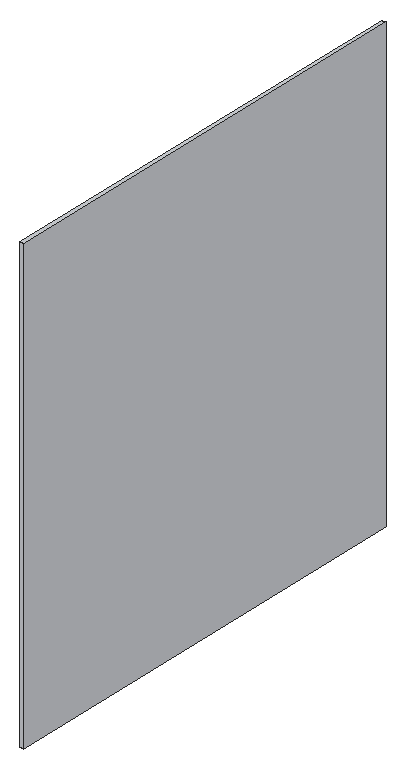
Revit family "75547417448348d0ae8ccc4a4d6bd870", category Duct Accessories, Revit 2021
Family settings
  Round Connector Dimension = Use Diameter
  Part Type = Damper
  OmniClass Number = 23.75.70.11.14.14
  OmniClass Title = Dampers for Air Ductwork
  Seek Item ID = Control Damper - Manual - Rectangular-0000-USA-ENU
  Work Plane-Based = No
  Always vertical = Yes
  Cut with Voids When Loaded = No
  Shared = No
Parameters (values of type "Standard")
  Pressure Drop [instance] = 0.14 in-wg
  Default Elevation = 0' - 0"
  Damper Length = 0' - 0 13/128"
  Handle Length [instance] = Duct Width / 2  # 0' - 6"
  Extension Length [instance] = Duct Width * 2  # 2' - 0"
  Duct Width [instance] = 12"
  Duct Height [instance] = 12"
  Damper Material = none
  Assembly Code = ""
Reference planes (in)
  plane 1 "Center (Front/Back)": y = 0
  plane 2: z = 0
  plane 3 "Center (Left/Right)": x = 0
  plane 4: x = 0.05078
  plane 5: x = -0.05078
Forms (in)
  Extrusion 1, solid, material <- "Damper Material"
    sketch origin (0, 0, 0) x (0, 1, 0) y (0, 0, 1)
      loop
        line (6, 6) -> (-6, 6) -> (-6, -6) -> (6, -6) -> (6, 6)
    from -0.05078 to 0.05078
Dimensions and locks (in)
  equal spacing: Extrusion 1 sketch curve, plane 1 "Center (Front/Back)", Extrusion 1 sketch curve
  "Duct Width": Extrusion 1 sketch curve to Extrusion 1 sketch curve
  equal spacing: Extrusion 1 sketch curve, level, Extrusion 1 sketch curve
  "Duct Height": Extrusion 1 sketch curve to Extrusion 1 sketch curve
  equal spacing: plane 5, plane 3 "Center (Left/Right)", plane 4
  "Damper Length": plane 5 to plane 4
  aligned and locked: plane 4 to Extrusion 1
  aligned: Extrusion 1 to plane 3 "Center (Left/Right)"
  aligned and locked: plane 5 to Extrusion 1
  aligned and locked: plane 3 "Center (Left/Right)" to nested 1
  aligned and locked: nested 1 to plane 1 "Center (Front/Back)"
Nested families (in)
  nested 1: "Control Damper Symbol" at (0, 0, 0), type "Control Damper Symbol"
Connectors (in)
  hvac at (-0.05078, 0, 0), driven by "Duct Height", driven by "Duct Width", driven by "Pressure Drop"
    settings: on Extrusion 1, index 0, duct flow 0 CFM, flow factor 0, pres drop 0.14 in-wg, loss coef 0, conn angle 0.00°, conn width 12", conn height 12", conn diameter 24", duct sys type 29, conn prof type 1, flow config 0, flow direction 0, loss method 4, conn ref index 1, conn util no, is conn primary yes, conn desc ""
  hvac at (0.05078, 0, 0), driven by "Duct Height", driven by "Duct Width"
    settings: on Extrusion 1, index 1, duct flow 0 CFM, flow factor 0, pres drop 0.00 in-wg, loss coef 0, conn angle 0.00°, conn width 12", conn height 12", conn diameter 24", duct sys type 29, conn prof type 1, flow config 0, flow direction 0, loss method 4, conn ref index 0, conn util no, is conn primary no, conn desc ""
Definition of nested family "Control Damper Symbol"
  Parameters
    Length = 0' - 4"
    Width = 1' - 0"
  Reference planes (in)
    plane 1 "Center (Front/Back)": y = 0
    plane 2: z = 0
    plane 3 "Center (Left/Right)": x = 0
  Lines and regions (in)
    detail lines, in view "Ref. Level"
      curve 1: line (0, 6, 0) -> (0, -6, 0)
      curve 2: line (0, 6, 0) -> (-4, 6, 0)
  Dimensions and locks (in)
    equal spacing: curve 1, plane 1 "Center (Front/Back)", curve 1
    "Width": curve 1 to curve 1
    "Length": curve 2 to curve 2
    aligned and locked: plane 3 "Center (Left/Right)" to curve 2
